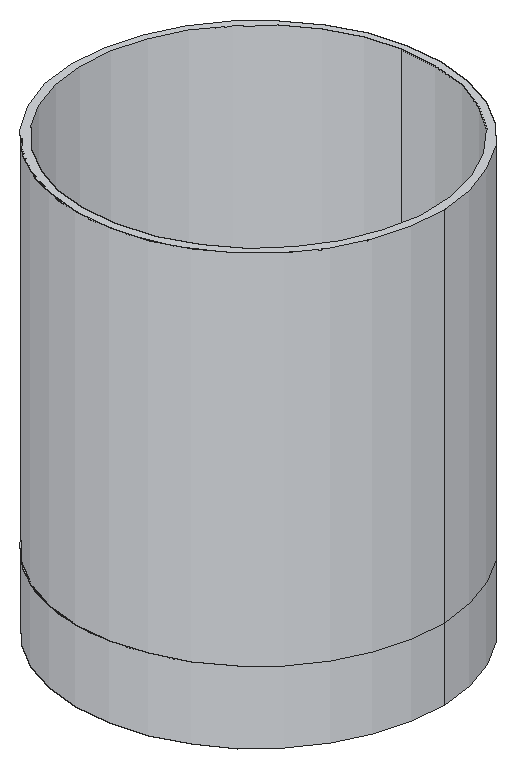
Revit family "FRC_BICCHIERI", category Generic Models, host Face, Revit 2013
Parameters (values of type "TUMBLER BASSO")
  raggio sup cavità = Raggio sup bicchiere - 0.15 cm  # 3.50 cm
  raggio inf cavità = Raggio inf bicchiere - 0.15 cm  # 3.50 cm
  raggio base = 3.65 cm
  diametro sup bicchiere = Raggio sup bicchiere * 2  # 7.30 cm
  diametro inferiore bicchiere = Raggio inf bicchiere * 2  # 7.30 cm
  diametro base = raggio base * 2  # 7.30 cm
  altezza base = Altezza totale / 6  # 1.45 cm
  Volume = Area * (Altezza totale - altezza base)  # 0.278871 L
  Raggio sup bicchiere = 3.65 cm
  Raggio inf bicchiere = 3.65 cm
  Default Elevation = 121.92 cm
  Area = 3.14 * (raggio inf cavità ^ 2)  # 38.465 cm²
  Altezza totale = 8.70 cm
Types (5, lengths in cm): name | raggio sup cavità | raggio inf cavità | raggio base | diametro sup bicchiere | diametro inferiore bicchiere | diametro base | altezza base | Volume | Raggio sup bicchiere | Raggio inf bicchiere | Area | Altezza totale
  (no name) | 3.50 | 3.50 | 3.65 | 7.30 | 7.30 | 7.30 | 1.45 | 0.278871 L | 3.65 | 3.65 | 38.465 cm² | 8.70
  TUMBLER BASSO | 3.50 | 3.50 | 3.65 | 7.30 | 7.30 | 7.30 | 1.45 | 0.278871 L | 3.65 | 3.65 | 38.465 cm² | 8.70
  TUMBLER ALTO | 2.75 | 2.75 | 2.90 | 5.80 | 5.80 | 5.80 | 2.75 | 0.326511 L | 2.90 | 2.90 | 23.7463 cm² | 16.50
  OLD FASHIONED | 4.35 | 3.50 | 3.65 | 9.00 | 7.30 | 7.30 | 1.45 | 0.278871 L | 4.50 | 3.65 | 38.465 cm² | 8.70
  APERITIVO | 3.35 | 2.35 | 3.50 | 7.00 | 5.00 | 7.00 | 2.4667 | 0.213868 L | 3.50 | 2.50 | 17.3407 cm² | 14.80
Reference planes (cm)
  plane 1 "Center (Front/Back)": y = 0
  plane 2: z = 0
  plane 3 "Center (Left/Right)": x = 0
  plane 4: x = -3.65
  plane 5: x = 3.65
  plane 6: z = 8.7
  plane 7: x = 3.65
  plane 8: x = -3.65
  plane 9: z = 1.45
  plane 10: x = 3.65
  plane 11: x = -3.65
Forms (cm)
  Blend 1, solid
    base sketch origin (0, 0, 0) x (1, 0, 0) y (0, 1, 0)
      loop
        circle (0, 0) r 3.65
    top sketch origin (0, 0, 0) x (1, 0, 0) y (0, 1, 0)
      loop
        circle (0, 0) r 3.65
    from 1.45 to 8.7
  Blend 2, solid
    base sketch origin (0, 0, 0) x (1, 0, 0) y (0, 1, 0)
      loop
        circle (0, 0) r 3.65
    top sketch origin (0, 0, 0) x (1, 0, 0) y (0, 1, 0)
      loop
        circle (0, 0) r 3.65
    from 0 to 1.45
  Blend 3, void
    base sketch origin (-11.525, -457.2, 8.7) x (0, -1, 0) y (1, 0, 0)
      loop
        circle (-457.2, 11.525) r 3.5
    top sketch origin (-11.525, -457.2, 8.7) x (0, -1, 0) y (1, 0, 0)
      loop
        circle (-457.2, 11.525) r 3.5
    from -7.25 to 0
Cuts and joins
  Blend 3 cuts Blend 1
Lines and regions (cm)
  reference lines
    curve 1: circle (0, 0, 0) r 3.65 normal (0, 0, 1)
Dimensions and locks (cm)
  "Raggio sup bicchiere": plane 7 to plane 3 "Center (Left/Right)"
  "Raggio inf bicchiere": plane 5 to plane 3 "Center (Left/Right)"
  "Altezza totale": plane 6 to host face
  "altezza base": plane 9 to host face
  "raggio base": plane 10 to plane 3 "Center (Left/Right)"
  equal spacing: plane 5, plane 3 "Center (Left/Right)", plane 4
  equal spacing: plane 11, plane 3 "Center (Left/Right)", plane 10
  equal spacing: plane 8, plane 3 "Center (Left/Right)", plane 7
  "Raggio inf bicchiere": radius of Blend 1 sketch curve
  "Raggio sup bicchiere": radius of Blend 1 sketch curve
  "Raggio inf bicchiere": radius of Blend 2 sketch curve
  "raggio base": radius of Blend 2 sketch curve
  "raggio inf cavità": radius of Blend 3 sketch curve
  "raggio sup cavità": radius of Blend 3 sketch curve
  aligned and locked: plane 2 to host face
  aligned and locked: level to host face
  aligned and locked: plane 6 to Blend 1
  aligned and locked: Blend 2 to Blend 1
Automatic sketch dimensions
  host sketch curve to host sketch curve = 243.84 cm  (x2)
  plane 1 "Center (Front/Back)" to curve 1 = 0.00 cm
  curve 1 to plane 3 "Center (Left/Right)" = 0.00 cm
  plane 1 "Center (Front/Back)" to Blend 1 sketch curve = 0.00 cm  (x2)
  Blend 1 sketch curve to plane 3 "Center (Left/Right)" = 0.00 cm  (x2)
  plane 1 "Center (Front/Back)" to Blend 2 sketch curve = 0.00 cm  (x2)
  Blend 2 sketch curve to plane 3 "Center (Left/Right)" = 0.00 cm  (x2)
  plane 1 "Center (Front/Back)" to Blend 3 sketch curve = 0.00 cm  (x2)
  Blend 3 sketch curve to plane 3 "Center (Left/Right)" = 0.00 cm  (x2)
  radius of curve 1 = 3.65 cm
